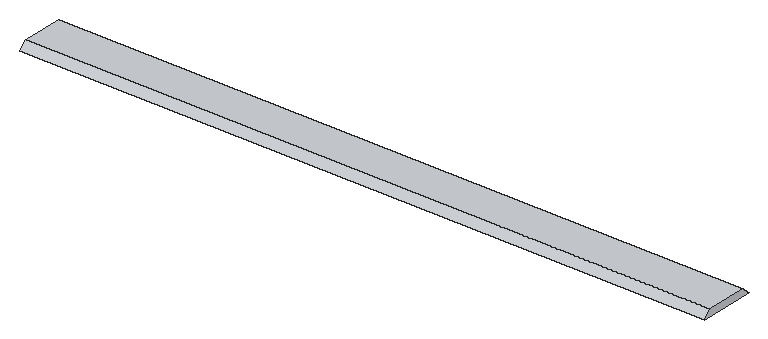
Revit family "PG_EINBAU_V1", category Allgemeines Modell, Revit 2018
Family settings
  Kann Basisbauteil für Bewehrung sein = Nein
  Bemaßung runder Anschluss = Durchmesser verwenden
  Teiletyp = Normal
  Beim Laden mit Abzugskörper schneiden = Ja
  Gemeinsam genutzt = Ja
  Raumberechnungspunkt = Nein
Parameters (values of type "MEARIN PG EVO-V1_2 Mörtelbett")
  h [instance] = Fussbodenhöhe - 30 mm  # 30 mm
  guid = "cf6c1bd8-9bf4-4563-8c57-07955e2378ac"  # constant formula
  URL = "https://www.mea-group.com/"
  Typ Entwässerungsbauteil = "Typ M"  # constant formula
  Technische Produktinformation = "https://www.mea-group.com/de/de/produkte/parkhaus-entwaesserungsrinne-mearin-pg-evo/"
  STLB-Bau Mustervorlage = "https://www.stlb-bau-online.de/Mustervorlagen/MEA-GROUP/Node"
  Nennweite mm Entwässerungsbauteil = "150"  # constant formula
  Nennweite = 150 mm
  Material = ""
  MEA-Volumen PCC-Mörtel [instance] = B_Fläche * [built-in parameter 1001306]  # 0.0189 m³
  MEA Planungshilfe = "https://www.mea-group.com/de/water-management/service/"
  built-in parameter 1001306 [instance] = 3000 mm
  Konstruktion Entwässerungsbauteil = "Kammrinne"  # constant formula
  IfcExportType = "USERDEFINED"  # constant formula
  IfcExportAs = "IfcWasteTerminalType"  # constant formula
  IfcDescription = Beschreibung  # "Monolithische Entwässerungsrinnen aus Glasfaser-Verbundstoff, Baubreite 180 / 170 mm. Geringe Bauhöhe 30 mm und Reduzierung der Stoßabdichtung durch Länge 3000 mm. Ausführungen mit Andicht-Flansch für OS-Einbau oder ohne Andicht-Flansch für Gussasphalt-Einbau. Standardmäßig erhältlich in 3 Farben (Grau, Schwarz, Rot), weitere Farben auf Anfrage, ab 1000 m Rinne. Brandverhalten gemäß DIN EN 13501-1 Bfl-S1, schwer entflammbar, Nr. 230011568-3."
  Hersteller = "MEA Bautechnik GmbH Geschäftsbereich MEA Water Management"  # constant formula
  Gewicht = "siehe Dichte Mörtel"  # constant formula
  Fussbodenhöhe [instance] = 60 mm
  Einbautechnologie = "Rinne allein"  # constant formula
  Einbau als AS [instance] = yes
  Breite = 180 mm
  Beschreibung = "Monolithische Entwässerungsrinnen aus Glasfaser-Verbundstoff, Baubreite 180 / 170 mm. Geringe Bauhöhe 30 mm und Reduzierung der Stoßabdichtung durch Länge 3000 mm. Ausführungen mit Andicht-Flansch für OS-Einbau oder ohne Andicht-Flansch für Gussasphalt-Einbau. Standardmäßig erhältlich in 3 Farben (Grau, Schwarz, Rot), weitere Farben auf Anfrage, ab 1000 m Rinne. Brandverhalten gemäß DIN EN 13501-1 Bfl-S1, schwer entflammbar, Nr. 230011568-3."
  Belastungsklasse Entwässerungsbauteil = "C 250"
  Bauteil, Entwässerung = "Entwässerungsrinne"  # constant formula
  Baustoff,Bettung/Fundament = "PCC-Mörtel/Epoxy-Mörtel"  # constant formula
  Bauelement = "Entwässerungsrinnen Oberflächenwasser"  # constant formula
  B_Fläche [instance] = (Breite + h) * h  # 0.0063 m²
  Ausführungsunterlagen = "gemäß Zeichnung und Einzelbeschreibung"  # constant formula
  Artikelnummer = "010141803"
Reference planes
  plane 1 "Mitte (Vorne/hinten)": y = 0
  plane 2: z = 0
  plane 3 "Links": x = 0
  plane 4 "Rechts": x = 3000
Forms (mm)
  Sweep 1, solid
    path in 3D
      loop
        line (0, 0, 0) -> (3000, 0, 0)
    profile "Profil PG-Mörtel OS_AS V1_2 : Profil PG-Mörtel OS_AS V1_2" origin (1500, 0, 0) x (0, 1, 0) y (0, 0, 1)
      loop
        line (-120, -60) -> (120, -60) -> (90, -30) -> (-90, -30) -> (-120, -60)
  Sweep 2, void
    path in 3D
      loop
        line (0, 0, 0) -> (3000, 0, 0)
    profile "Profil PG-Mörtel OS_AS V1_2 : Profil PG-Mörtel OS_AS V1_2" origin (1500, 0, 0) x (0, 1, 0) y (0, 0, 1)
      loop
        line (-120, -60) -> (120, -60) -> (90, -30) -> (-90, -30) -> (-120, -60)
Lines and regions (mm)
  reference lines
    curve 1: line (104.1, 0, 0) -> (2985, 0, 0)
  model lines
    curve 2: line (0, 0, 0) -> (3000, 0, 0)
  sketch lines
    curve 3: line (0, 0, 0) -> (3000, 0, 0)
    curve 4: line (0, 0, 0) -> (3000, 0, 0)
Dimensions and locks
  "built-in parameter 1001306": plane 3 "Links" to plane 4 "Rechts"
  aligned and locked: plane 1 "Mitte (Vorne/hinten)" to curve 1
  aligned and locked: level to plane 2
  aligned and locked: plane 4 "Rechts" to curve 2
  aligned and locked: plane 3 "Links" to curve 2
Automatic sketch dimensions
  plane 1 "Mitte (Vorne/hinten)" to curve 2 = 0 mm
  plane 3 "Links" to curve 1 = 104.1 mm
  curve 1 to plane 4 "Rechts" = 15 mm
